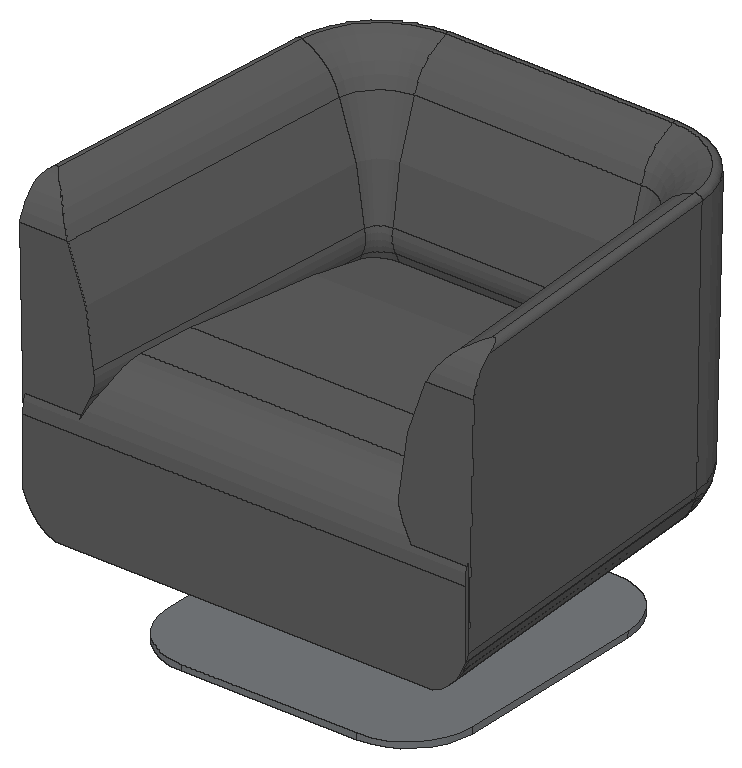
Revit family "FU_Chair_Sandler_Club 5-1", category Furniture, Revit 2022
Family settings
  OmniClass Number = 23.40.20.00
  OmniClass Title = General Furniture and Specialties
  Work Plane-Based = No
  Always vertical = Yes
  Cut with Voids When Loaded = No
  Render Appearance Source = Family Geometry
  Shared = No
  Room Calculation Point = No
Parameters (values of type "Club 5.1")
  Width = 780 mm
  URL = "https://www.sandlerseating.com/product/club-5-1/"
  Seat [instance] = Leather - Black - Sandler 101
  Model = "Club 5.1"
  Manufacturer = "Sandler"
  Height = 690 mm
  Frame [instance] = Metal - Powdercoats - Graphite - RAL 7024
  Description = "Fully upholstered tub chair on pedestal base."
  Depth = 690 mm
  Default Elevation = 0 mm
Reference planes
  plane 1 "Center (Front/Back)": y = 0
  plane 2: z = 0
  plane 3 "Center (Left/Right)": x = 0
  plane 4 "Right": x = -390
  plane 5 "Left": x = 390
  plane 6 "Back": y = 345
  plane 7 "Front": y = -345
  plane 8 "Height": z = 690
  plane 9 "Seat Height": z = 400
Forms (mm)
  Sweep 1, solid, material "Leather - Black - Sandler 101" <- "Seat"
    path origin (0, 0, 0) x (1, 0, 0) y (0, 1, 0)
      loop
        line (-390, -345) -> (-349.282, 201.516)
        arc (-349.282, 201.516) -> (-300.162, 303.6) -> (-194.71, 345) r 155
        line (-194.71, 345) -> (194.71, 345)
        arc (194.71, 345) -> (300.162, 303.6) -> (349.282, 201.516) r 155
        line (349.282, 201.516) -> (390, -345)
    profile "pro_ClubSeat : pro_ClubSeat" origin (-369.641, -71.742, 0) x (-0.997236, 0.074299, 0) y (0, 0, 1)
      loop
        line (-10.435, 160.642) -> (0.095, 680.069)
        arc (0.095, 680.069) -> (-3.745, 688.151) -> (-12.515, 689.925) r 10
        arc (-12.515, 689.925) -> (-54.973, 666.322) -> (-81.484, 625.616) r 100.912
        arc (-81.484, 625.616) -> (-112.432, 536.009) -> (-127.077, 442.347) r 534.953
        arc (-127.077, 442.347) -> (-127.99, 419.999) -> (-120.845, 398.804) r 61.455
        line (-120.845, 398.804) -> (-10.435, 160.642)
  Extrusion 2, solid, material "Leather - Black - Sandler 101" <- "Seat"
    sketch origin (0, 0, 0) x (0, 1, 0) y (0, 0, 1)
      loop
        line (-342.761, 160.642) -> (335, 160.642) -> (335, 363.27)
        arc (335, 363.27) -> (94.001, 412.933) -> (-151.169, 433.863) r 2085.365
        line (-151.169, 433.863) -> (-247.282, 433.863)
        arc (-247.282, 433.863) -> (-314.796, 405.897) -> (-342.761, 338.384) r 95.479
        line (-342.761, 338.384) -> (-342.761, 160.642)
    from -380 to 380
  Extrusion 3, void
    sketch origin (-0.29, 0, 0) x (1, 0, 0) y (0, 1, 0)
      loop
        line (-381.49, -375) -> (-339.282, 191.516)
        arc (-339.282, 191.516) -> (-290.162, 293.6) -> (-184.71, 335) r 155
        line (-184.71, 335) -> (-184.71, 385) -> (-409.71, 385) -> (-409.71, -375) -> (-381.49, -375)
      loop
        line (381.49, -375) -> (409.71, -375) -> (409.71, 385) -> (184.71, 385) -> (184.71, 335)
        arc (184.71, 335) -> (290.162, 293.6) -> (339.282, 191.516) r 155
        line (339.282, 191.516) -> (381.49, -375)
    from 138.244 to 474.753
  Sweep 4, void
    path origin (0, 0, 0) x (1, 0, 0) y (0, 1, 0)
      loop
        line (-390, -345) -> (-349.282, 201.516)
        arc (-349.282, 201.516) -> (-300.162, 303.6) -> (-194.71, 345) r 155
        line (-194.71, 345) -> (194.71, 345)
        arc (194.71, 345) -> (300.162, 303.6) -> (349.282, 201.516) r 155
        line (349.282, 201.516) -> (390, -345)
    profile origin (-369.641, -71.742, 0) x (-0.997236, 0.074299, 0) y (0, 0, 1)
      loop
        arc (-8.566, 240.243) -> (-35.68, 179.056) -> (-98.566, 156.158) r 85.478
        line (-98.566, 156.158) -> (-98.566, 125.243) -> (41.434, 125.243) -> (41.434, 240.243) -> (-8.566, 240.243)
  Extrusion 5, void
    sketch origin (0, 0, 0) x (0, 1, 0) y (0, 0, 1)
      loop
        line (-337.803, 126.25) -> (-337.803, 626.866)
        arc (-337.803, 626.866) -> (-312.702, 671.296) -> (-265.736, 691.25) r 79.344
        line (-265.736, 691.25) -> (-265.736, 706.25) -> (-365.736, 706.25) -> (-365.736, 126.25) -> (-337.803, 126.25)
    from -400 to 400
  Extrusion 6, solid, material "Metal - Powdercoats - Graphite - RAL 7024" <- "Frame"
    sketch origin (0, 0, 0) x (1, 0, 0) y (0, 1, 0)
      loop
        line (-150.256, -289.739) -> (150.331, -289.739)
        arc (150.331, -289.739) -> (228.113, -257.521) -> (260.331, -179.739) r 110
        line (260.331, -179.739) -> (260.331, 154.4)
        arc (260.331, 154.4) -> (228.113, 232.182) -> (150.331, 264.4) r 110
        line (150.331, 264.4) -> (-150.256, 264.4)
        arc (-150.256, 264.4) -> (-228.038, 232.182) -> (-260.256, 154.4) r 110
        line (-260.256, 154.4) -> (-260.256, -179.739)
        arc (-260.256, -179.739) -> (-228.038, -257.521) -> (-150.256, -289.739) r 110
    from 0 to 10
  Extrusion 7, solid, material "Metal - Powdercoats - Graphite - RAL 7024" <- "Frame"
    sketch origin (0, 0, 0) x (1, 0, 0) y (0, 1, 0)
      loop
        circle (0, -13.027) r 24
    from 5 to 250
Cuts and joins
  Extrusion 3, Sweep 4 cuts Extrusion 2
  Sweep 4, Extrusion 5 cuts Sweep 1
Dimensions and locks
  equal spacing: plane 6 "Back", plane 1 "Center (Front/Back)", plane 7 "Front"
  "Depth": plane 6 "Back" to plane 7 "Front"
  equal spacing: plane 4 "Right", plane 3 "Center (Left/Right)", plane 5 "Left"
  "Width": plane 4 "Right" to plane 5 "Left"
  "Height": plane 8 "Height" to level
  aligned and locked: level to plane 2
Automatic sketch dimensions
  Sweep 1 sketch curve to plane 4 "Right" = 0 mm
  Sweep 1 sketch curve to plane 6 "Back" = 0 mm
  Sweep 1 sketch curve to plane 5 "Left" = 0 mm
  Sweep 1 sketch curve to plane 7 "Front" = 0 mm  (x2)
  plane 4 "Right" to Sweep 1 sketch curve = 40.718 mm
  Sweep 1 sketch curve to Sweep 1 sketch curve = 154.572 mm
  plane 3 "Center (Left/Right)" to Sweep 1 sketch curve = 194.71 mm
  Sweep 1 sketch curve to plane 5 "Left" = 40.718 mm
  Sweep 1 sketch curve to Sweep 1 sketch curve = 155 mm  (x2)
  plane 7 "Front" to Extrusion 2 sketch curve = 2.239 mm
  plane 9 "Seat Height" to Extrusion 2 sketch curve = 33.863 mm
  plane 7 "Front" to Extrusion 2 sketch curve = 97.718 mm
  plane 7 "Front" to Extrusion 2 sketch curve = 139.346 mm
  level to Extrusion 2 sketch curve = 160.642 mm
  Extrusion 2 sketch curve to Extrusion 2 sketch curve = 96.113 mm
  Extrusion 2 sketch curve to plane 6 "Back" = 10 mm
  Extrusion 2 sketch curve to plane 9 "Seat Height" = 36.73 mm
  Extrusion 3 sketch curve to plane 4 "Right" = 20 mm
  plane 4 "Right" to Extrusion 3 sketch curve = 8.22 mm
  plane 4 "Right" to Extrusion 3 sketch curve = 50.428 mm
  Extrusion 3 sketch curve to plane 6 "Back" = 10 mm
  Extrusion 3 sketch curve to plane 3 "Center (Left/Right)" = 185 mm
  plane 6 "Back" to Extrusion 3 sketch curve = 40 mm  (x2)
  plane 3 "Center (Left/Right)" to Extrusion 3 sketch curve = 184.421 mm
  Extrusion 3 sketch curve to plane 5 "Left" = 51.007 mm
  Extrusion 3 sketch curve to plane 5 "Left" = 8.799 mm
  plane 5 "Left" to Extrusion 3 sketch curve = 19.421 mm
  Extrusion 3 sketch curve to plane 6 "Back" = 153.484 mm  (x2)
  Extrusion 3 sketch curve to Extrusion 3 sketch curve = 11.516 mm
  Extrusion 3 sketch curve to plane 7 "Front" = 30 mm  (x2)
  Sweep 4 sketch curve to plane 4 "Right" = 0 mm
  Sweep 4 sketch curve to plane 6 "Back" = 0 mm
  Sweep 4 sketch curve to plane 5 "Left" = 0 mm
  Sweep 4 sketch curve to plane 7 "Front" = 0 mm  (x2)
  plane 4 "Right" to Sweep 4 sketch curve = 40.718 mm
  Sweep 4 sketch curve to plane 3 "Center (Left/Right)" = 194.71 mm
  plane 3 "Center (Left/Right)" to Sweep 4 sketch curve = 194.71 mm
  Sweep 4 sketch curve to plane 5 "Left" = 40.718 mm
  Sweep 4 sketch curve to Sweep 4 sketch curve = 155 mm  (x2)
  profile plane to Sweep 4 sketch curve = 94.034 mm
  profile plane to Sweep 4 sketch curve = 8.566 mm
  Sweep 4 sketch curve to profile plane = 41.434 mm
  level to Sweep 4 sketch curve = 125.243 mm
  Sweep 4 sketch curve to Sweep 4 sketch curve = 115 mm
  Sweep 4 sketch curve to Sweep 4 sketch curve = 1.273 mm
  profile plane to Sweep 4 sketch curve = 98.566 mm
  Extrusion 5 sketch curve to plane 7 "Front" = 20.736 mm
  plane 8 "Height" to Extrusion 5 sketch curve = 1.25 mm
  Extrusion 5 sketch curve to Extrusion 5 sketch curve = 5.895 mm
  Extrusion 5 sketch curve to plane 8 "Height" = 77.875 mm
  plane 8 "Height" to Extrusion 5 sketch curve = 16.25 mm
  level to Extrusion 5 sketch curve = 126.25 mm
  Extrusion 5 sketch curve to plane 8 "Height" = 63.134 mm
  plane 7 "Front" to Extrusion 5 sketch curve = 7.197 mm
  plane 4 "Right" to Extrusion 6 sketch curve = 129.744 mm
  Extrusion 6 sketch curve to plane 6 "Back" = 80.6 mm
  Extrusion 6 sketch curve to plane 3 "Center (Left/Right)" = 150.256 mm
  Extrusion 6 sketch curve to Extrusion 6 sketch curve = 110 mm  (x2)
  plane 3 "Center (Left/Right)" to Extrusion 6 sketch curve = 150.331 mm  (x2)
  plane 7 "Front" to Extrusion 6 sketch curve = 165.261 mm
  Extrusion 7 sketch curve to plane 3 "Center (Left/Right)" = 0 mm
  plane 1 "Center (Front/Back)" to Extrusion 7 sketch curve = 13.027 mm
  radius of Extrusion 7 sketch curve = 24 mm
